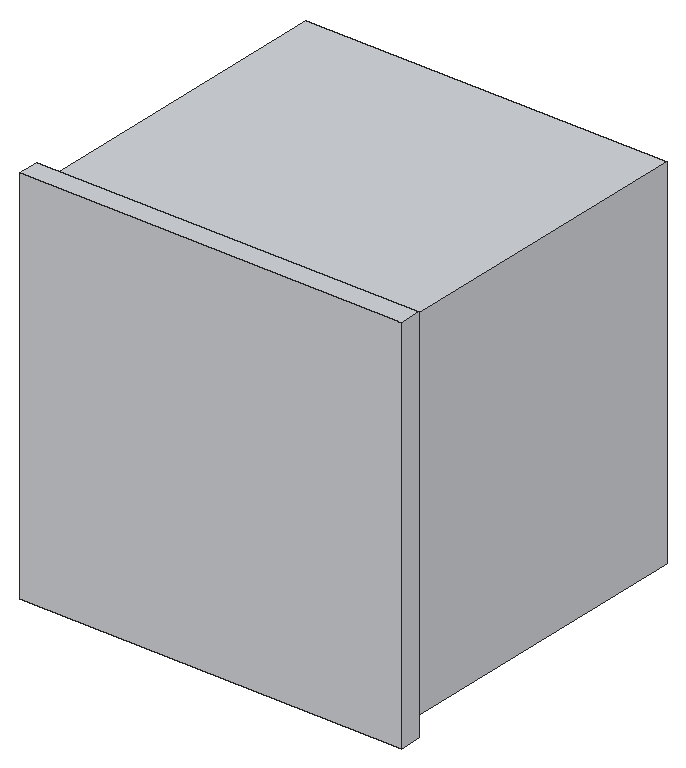
Revit family "PRD_FrankeWS_WtrSplySystmsCtrl_ECC2FunctionController_ZA3OP0011,ZA3OP0022", category Electrical Equipment, Revit 2018
Family settings
  Round Connector Dimension = Use Diameter
  Part Type = Equipment Switch
  OmniClass Number = 23.45.55.11
  OmniClass Title = Sanitary Components
  Work Plane-Based = No
  Always vertical = Yes
  Cut with Voids When Loaded = No
  Shared = No
  Room Calculation Point = No
Parameters (values of type "ZA3OP0022")
  WarrantyStartDate [instance] = "1900-12-31T23:59:59"
  WarrantyGuarantorParts = "n/a"
  WarrantyGuarantorLabor = "n/a"
  WarrantyDurationUnit = "year"
  WarrantyDurationParts = "n/a"
  WarrantyDurationLabor = "n/a"
  WarrantyDescription = "n/a"
  Voltage = NominalVoltage  # "230"
  Version = "1"
  UsageCurrent = 0 A
  Uniclass2015Version = "Systems v1.7"
  Uniclass2015Title = "Water supply control systems"
  Uniclass2015Code = "Ss_75_70_52_96"
  URL = "www.kwc.com"
  TagNumber [instance] = "n/a"
  SustainabilityPerformance = "n/a"
  Size = "n/a"
  Shape = "n/a"
  SerialNumber [instance] = "n/a"
  Revision = "n/a"
  ReplacementCost = "n/a"
  ProductInformation = "https://pim.kwc.com/product/2030016282/attachment/datasheet?locale=en"
  PhaseReference = "0"
  PhaseAngle = 0.00°
  NumberOfPoles = 1
  NominalWidth = 0 mm
  NominalVoltage = "230"
  NominalLength = 0 mm
  NominalHeight = 0 mm
  NominalFrequencyRange = "50"
  NominalCurrent = 0 A
  NetWeight = 2.261 kg
  Name = "ECC2 function controller ZA3OP0022"
  NBSTypeID = "n/a"
  NBSReference = "75-75-50/110"
  NBSOfficeMasterTag = "n/a"
  NBSNote = "n/a"
  NBSDescription = "Water supply systems control"
  NBSCertification = "n/a"
  ModelReference = "ZA3OP0022"
  ModelNumber = "2030016282"
  Model = ModelReference  # "ZA3OP0022"
  Material = "n/a"
  ManufacturerURL = "www.kwc.com"
  ManufacturerName = "KWC Group AG"  # constant formula
  Manufacturer = ManufacturerName  # "KWC Group AG"
  InsulationStandardClass = "NotKnown"
  InstallationDate [instance] = "1900-12-31T23:59:59"
  IfcExportType = "NOTDEFINED"
  IfcExportAs = "IfcDistributionElement"
  IP_Code = "20"
  HasProtectiveEarth = yes
  GrossWeight = 2.38 kg
  Grade = "n/a"
  Finish = "n/a"
  Features = "n/a"
  ExpectedLife = "n/a"
  ElectricalDeviceNominalPower = 0 W
  DurationUnit = "year"
  Description = "ECC2 function controller - A3000 open with Ethernet and CAN bus connection for the fittings level and with integrated power supply, real-time clock with calendar function and WEB server. For connecting 32 AQUA 3000 open fittings/electronic system modules or up to 200 m cable length for the purpose of supplying power and external control, e.g. for adjusting fittings and for communication. With BMS connectivity for BacNet - IP, KNX - IP and ModBus - TCP, 230 V AC / 24 V DC."
  ControllerMaterial = none
  Constituents = "n/a"
  Color = "n/a"
  CodePerformance = "n/a"
  Category = "Ss_75_70_52_96, Water supply control systems"
  BarCode [instance] = "n/a"
  BIMObjectName = "PRD_AR_WaterSupplySystemsControl_ECC2FunctionController_ZA3OP0022"
  Author = "Archispace"  # constant formula
  AssetType = "Fixed"
  AssetIdentifier [instance] = "n/a"
  AccessibilityPerformance = "n/a"
Types (2, lengths in mm): name | ProductInformation | NetWeight | Name | ModelReference | ModelNumber | Model | GrossWeight | Description | BIMObjectName
  ZA3OP0011 | "https://pim.kwc.com/product/2000108123/attachment/datasheet?locale=en" | 1.718 kg | "ECC2 function controller ZA3OP0011" | "ZA3OP0011" | "2000108123" | "ZA3OP0011" | 1.875 kg | "ECC2 function controller - A3000 open with Ethernet and CAN bus connection for the fittings level and with integrated power supply, real-time clock with calendar function and WEB server. For connecting 32 AQUA 3000 open fittings/electronic system modules or up to 200 m cable length for the purpose of supplying power and external control, e.g. for adjusting fittings and for communication, 230 V AC / 24 V DC." | "PRD_AR_WaterSupplySystemsControl_ECC2FunctionController_ZA3OP0011"
  ZA3OP0022 | "https://pim.kwc.com/product/2030016282/attachment/datasheet?locale=en" | 2.261 kg | "ECC2 function controller ZA3OP0022" | "ZA3OP0022" | "2030016282" | "ZA3OP0022" | 2.38 kg | "ECC2 function controller - A3000 open with Ethernet and CAN bus connection for the fittings level and with integrated power supply, real-time clock with calendar function and WEB server. For connecting 32 AQUA 3000 open fittings/electronic system modules or up to 200 m cable length for the purpose of supplying power and external control, e.g. for adjusting fittings and for communication. With BMS connectivity for BacNet - IP, KNX - IP and ModBus - TCP, 230 V AC / 24 V DC." | "PRD_AR_WaterSupplySystemsControl_ECC2FunctionController_ZA3OP0022"
Reference planes
  plane 1 "Center (Front/Back)": y = 0
  plane 2: z = 0
  plane 3 "Center (Left/Right)": x = 0
Forms (mm)
  Extrusion 1, solid, material <- "ControllerMaterial", detail levels fine
    sketch origin (0, 0, 0) x (1, 0, 0) y (0, 0, 1)
      loop
        line (-68, -68) -> (68, -68) -> (68, 68) -> (-68, 68) -> (-68, -68)
    from 0 to 122
  Extrusion 2, solid, material <- "ControllerMaterial", detail levels fine
    sketch origin (0, 0, 0) x (1, 0, 0) y (0, 0, 1)
      loop
        line (-72, -72) -> (72, -72) -> (72, 72) -> (-72, 72) -> (-72, -72)
    from 122 to 130
  Extrusion 3, solid, material <- "ControllerMaterial", detail levels coarse+medium
    sketch origin (0, 0, 0) x (1, 0, 0) y (0, 0, 1)
      loop
        line (-72, 72) -> (-72, -72) -> (72, -72) -> (72, 72) -> (-72, 72)
    from 0 to 130
Dimensions and locks
  aligned and locked: level to plane 2
Connectors
  electrical at (0, -61, -68)
    settings: on Extrusion 1, index 1, voltage 230 V, apparent load 0 VA, apparent load phase1 0 VA, apparent load phase2 0 VA, apparent load phase3 0 VA, power factor 1, load classification "Other", number of poles 1, system type 30, power factor state 1, is connector primary yes, connector utility no, sub classification motor no, connector description ""
